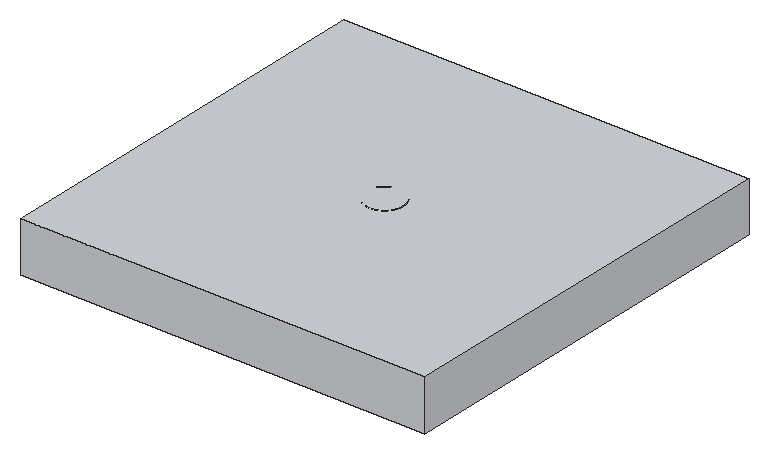
Revit family "M_Difusor de fornecimento - Circular - Pescoço retangular - Montado no forro", category Terminais de ar, Revit 2019
Family settings
  Hospedeiro = Face
  Cota do conector redondo = Utilizar diâmetro
  Tipo de parte = Normal
  Número OmniClass = 23.75.70.21.27.11
  Título OmniClass = Diffusers, Registers, and Grilles
  ID de item do Seek = Supply Diffuser - Circular - Rectangular Neck - Ceiling Mounted-0000-CAN-ENU
  Corte com vazios quando carregada = Não
  Compartilhado = Não
  Ponto de cálculo do ambiente = Não
Parameters (values of type "225 mm Face 125 mmx125 mm Pescoço")
  Queda de pressão [instance] = 8.0 Pa
  Número da chaminé = 5
  Largura do duto = 125 mm
  Altura 2 = 25 mm
  Altura 1 = 150 mm
  Fluxo [instance] = 100.0 L/s
  Altura do duto = Largura do duto  # 125 mm
  Deslocamento do raio do difusor 4 = 4 * (Raio do difusor 1 / 5)  # 91.2 mm
  Deslocamento do raio do difusor 3 = 3 * (Raio do difusor 1 / 5)  # 68.4 mm
  Deslocamento do raio do difusor 2 = 2 * (Raio do difusor 1 / 5)  # 45.6 mm
  Raio do difusor 2 = Diâmetro do difusor 2 / 2  # 79 mm
  Raio do difusor 1 = Diâmetro do difusor 1 / 2  # 114 mm
  Deslocamento do raio do difusor 1 = Raio do difusor 1 / 5  # 22.8 mm
  Material do difusor = none
  Altura do difusor = 178 mm
  Diâmetro do difusor 2 = 158 mm
  Diâmetro do difusor 1 = 228 mm
  Elevação-padrão = 1200 mm
Types (3, lengths in mm): name | Queda de pressão | Largura do duto | Fluxo | Altura do duto | Raio do difusor 2 | Diâmetro do difusor 2
  (no name) | 8.0 Pa | 125 | 100.0 L/s | 125 | 79 | 158
  225 mm Face 125 mmx125 mm Pescoço | 8.0 Pa | 125 | 100.0 L/s | 125 | 79 | 158
  225 mm Face 150 mmx150 mm Pescoço | 13.0 Pa | 150 | 125.0 L/s | 150 | 94 | 188
Reference planes
  plane 1 "Centro (Frente/Trás)": y = 0
  plane 2: z = 0
  plane 3 "Centro (Esquerda/Direita)": x = 0
  plane 4: z = -150
  plane 5: z = -175
  plane 6: x = -62.5
  plane 7: x = 62.5
  plane 8: y = 62.5
  plane 9: y = -62.5
Forms (mm)
  Extrusion 1, solid
    sketch origin (0, 0, 0) x (1, 0, 0) y (0, 1, 0)
      loop
        line (-1219.2, 1219.2) -> (-1219.2, -1219.2) -> (1219.2, -1219.2) -> (1219.2, 1219.2) -> (-1219.2, 1219.2)
    from 0 to -304.8
  Blend 2, solid, material <- "Material do difusor"
    base sketch origin (0, 0, 0) x (1, 0, 0) y (0, 1, 0)
      loop
        circle (0, 0) r 79
    top sketch origin (0, 0, 0) x (1, 0, 0) y (0, 1, 0)
      loop
        circle (0, 0) r 114
    from -150 to 0
  Extrusion 3, solid, material <- "Material do difusor"
    sketch origin (0, 0, 0) x (1, 0, 0) y (0, 1, 0)
      loop
        line (-62.5, 62.5) -> (-62.5, -62.5) -> (62.5, -62.5) -> (62.5, 62.5) -> (-62.5, 62.5)
    from -150 to -175
Lines and regions (mm)
  model lines
    curve 1: circle (0, 0, 0) r 22.8 normal (0, 0, 1)
    curve 2: circle (0, 0, 0) r 45.6 normal (0, 0, 1)
    curve 3: circle (0, 0, 0) r 68.4 normal (0, 0, 1)
    curve 4: circle (0, 0, 0) r 91.2 normal (0, 0, 1)
  symbolic lines
    curve 5: arc (114, 0, 0) -> (0, 114, 0) -> (-114, 0, 0) r 114
    curve 6: arc (-114, 0, 0) -> (0, -114, 0) -> (114, 0, 0) r 114
Dimensions and locks
  "Altura 1": plane 2 to plane 4
  "Altura 2": plane 4 to plane 5
  equal spacing: plane 6, plane 3 "Centro (Esquerda/Direita)", plane 7
  "Largura do duto": plane 6 to plane 7
  equal spacing: plane 8, plane 1 "Centro (Frente/Trás)", plane 9
  "Largura do duto": plane 8 to plane 9
  "Raio do difusor 2": radius of Blend 2 sketch curve
  "Raio do difusor 1": radius of Blend 2 sketch curve
  "Deslocamento do raio do difusor 1": radius of curve 1
  "Deslocamento do raio do difusor 2": radius of curve 2
  "Deslocamento do raio do difusor 3": radius of curve 3
  "Deslocamento do raio do difusor 4": radius of curve 4
  aligned and locked: plane 2 to Extrusion 1
  aligned and locked: level to Extrusion 1
  aligned and locked: plane 3 "Centro (Esquerda/Direita)" to Blend 2 sketch curve  (x2)
  aligned and locked: plane 1 "Centro (Frente/Trás)" to Blend 2 sketch curve  (x2)
  aligned and locked: Blend 2 to plane 4
  aligned and locked: plane 2 to Blend 2
  aligned and locked: plane 8 to Extrusion 3
  aligned and locked: plane 7 to Extrusion 3
  aligned and locked: plane 9 to Extrusion 3
  aligned and locked: Extrusion 3 to plane 6
  aligned and locked: Extrusion 3 to plane 5
  aligned and locked: plane 4 to Extrusion 3
Automatic sketch dimensions
  Extrusion 3 sketch curve to plane 6 = 0 mm
  Extrusion 3 sketch curve to plane 7 = 0 mm
  Extrusion 3 sketch curve to plane 9 = 0 mm
  Extrusion 3 sketch curve to plane 8 = 0 mm
  curve 1 to curve 2 = 0 mm  (x3)
  curve 1 to curve 4 = 0 mm  (x4)
  curve 2 to curve 3 = 0 mm  (x4)
  curve 2 to curve 4 = 0 mm  (x3)
  curve 1 to curve 5 = 0 mm  (x4)
  Extrusion 1 sketch curve to Extrusion 1 sketch curve = 2438.4 mm  (x2)
  curve 1 to curve 3 = 0 mm  (x2)
  curve 1 to curve 6 = 0 mm  (x2)
  curve 2 to curve 5 = 0 mm  (x2)
  curve 2 to curve 6 = 0 mm  (x2)
  curve 3 to curve 4 = 0 mm  (x2)
  curve 3 to curve 5 = 0 mm  (x2)
  curve 3 to curve 6 = 0 mm  (x2)
  curve 4 to curve 5 = 0 mm  (x2)
  curve 4 to curve 6 = 0 mm  (x2)
  curve 5 to curve 6 = 0 mm  (x2)
  plane 1 "Centro (Frente/Trás)" to curve 5 = 0 mm
  curve 4 to plane 3 "Centro (Esquerda/Direita)" = 0 mm
  curve 6 to plane 6 = 51.5 mm
Connectors
  hvac at (0, 0, -175), driven by "Queda de pressão", driven by "Fluxo", driven by "Altura do duto", driven by "Largura do duto"
    settings: on Extrusion 3, index 1, duct flow 100.0 L/s, flow factor 0, pres drop 8.0 Pa, loss coef 0, conn angle 0.00°, conn width 125 mm, conn height 125 mm, conn diameter 609.6 mm, duct sys type 1, conn prof type 1, flow config 1, flow direction 1, loss method 4, conn ref index -1, conn util no, is conn primary yes, conn desc ""
